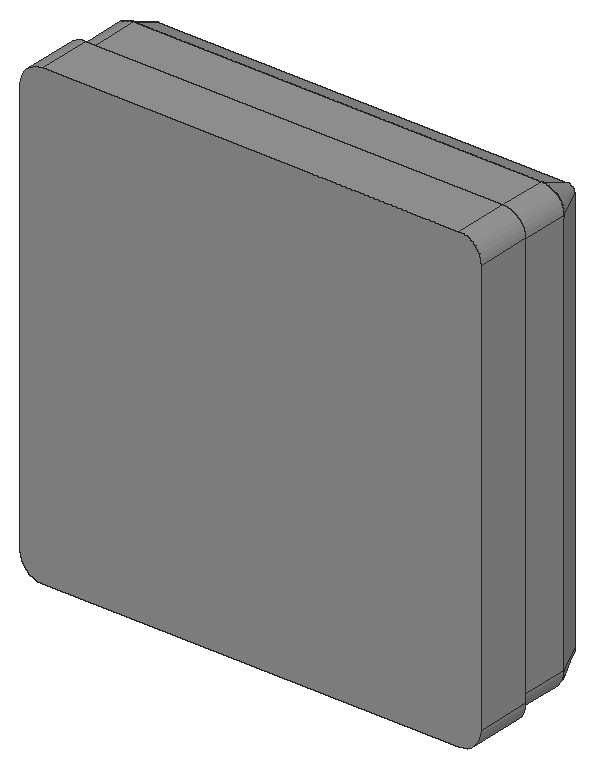
Revit family "IEK_РозеткаСетевая_ОткрытойУстановки_Без ЗК 10А четырехместная IP20_ОКТАВА", category Электрические приборы, Revit 2019
Family settings
  Сохранять ориентацию аннотаций = Да
  Размер круглого соединителя = Использовать диаметр
  Тип детали = Нормальный
  На основе рабочей плоскости = Нет
  Всегда вертикально = Да
  При загрузке вырезать с полостями = Нет
  Общий = Нет
  Точка расчета площади = Нет
Parameters (values of type "РС24-2-ОБ")
  Ширина = 103 mm  # constant formula
  Тип монтажа = "Поверхность монтажа (открытая установка)"  # constant formula
  Степень защиты = "IP20"  # constant formula
  Изготовитель = "IEK"  # constant formula
  Дата изменения = ""
  Глубина = 30.8 mm  # constant formula
  Высота = 103 mm  # constant formula
  ΔХ [instance] = 2000 mm
  ΔY [instance] = 2000 mm
  KSI_CPr_Строительные изделия = "20.4.03.04 20.4.03.05 20.4.03.06"  # constant formula
  KSI_CMa_Строительные материалы = "01.7.14.03"  # constant formula
  IEK_Цена за единицу = 423.71
  IEK_Поиск в таблице имен = ""
  IEK_Описание = "Универсальный дизайн серии открытой установки \"ОКТАВА\" позволяет устанавливать изделия в квартирах, загородных домах, офисных и производственных помещениях."
  IEK_URL = "https://www.iek.ru/products/catalog/izdeliya_elektroustanovochnye_udliniteli_i_silovye_razemy/elektroustanovochnye_izdeliya/elektroustanovochnye_izdeliya_otkrytogo_montazha_ip20/elektroustanovochnye_izdeliya_oktava/elektroustanovochnye_izdeliya_oktava_tsvet_belyy/rozetka_4_mestnaya_dlya_otkrytoy_ustanovki_rs24_2_ob_bez_zazemlyayushchego_kontakta_10a_oktava_belyy_iek"
  ADSK_Ток [instance] = 10 A  # constant formula
  ADSK_Примечание = ""
  ADSK_Полная мощность [instance] = ADSK_Номинальная мощность / ADSK_Коэффициент мощности  # 2200 VA
  ADSK_Позиция [instance] = ""
  ADSK_Номинальная мощность [instance] = ADSK_Ток * ADSK_Напряжение * sqrt(ADSK_Количество фаз числовое) * ADSK_Коэффициент мощности  # 2200 W
  ADSK_Напряжение = 220 V
  ADSK_Наименование = "Розетка 4-местная для открытой установки РС24-2-ОБ без заземляющего контакта 10А ОКТАВА белый IEK"
  ADSK_Материал обозначение = ""
  ADSK_Материал наименование = "Пластик"  # constant formula
  ADSK_Материал = Цвет белый
  ADSK_Масса = 0.088
  ADSK_Марка = "ОКТАВА"  # constant formula
  ADSK_Коэффициент мощности [instance] = 1  # constant formula
  ADSK_Количество фаз числовое = 1
  ADSK_Количество фаз = 1
  ADSK_Код изделия = "ERO40-K01-10-DC"
  ADSK_Классификация нагрузок [instance] = Прочее
  ADSK_Завод-изготовитель = "IEK"  # constant formula
  ADSK_Единица измерения = "шт"  # constant formula
  ADSK_Группирование = "III ЭЛЕКТРОУСТАНОВОЧНЫЕ И ЭЛЕКТРОМОНТАЖНЫЕ ИЗДЕЛИЯ"  # constant formula
  ADSK_Версия семейства = "1.0"  # constant formula
  ADSK_Версия Revit = "2019"  # constant formula
  ADSK_URL страницы изделия = "https://www.iek.ru/products/catalog/izdeliya_elektroustanovochnye_udliniteli_i_silovye_razemy/elektroustanovochnye_izdeliya/elektroustanovochnye_izdeliya_otkrytogo_montazha_ip20/elektroustanovochnye_izdeliya_oktava/?pagec=100"
Reference planes
  plane 1 "По центру (Вперед/Назад)": y = 0
  plane 2: z = 0
  plane 3 "По центру (Влево/Вправо)": x = 0
  plane 4 "Высота ножек": z = 280
  plane 5 "Высота": z = 2081.496
  plane 6: x = -2000
  plane 7: y = 2000
Forms (mm)
  Extrusion 1, void
    sketch origin (0, 0, 71) x (1, 0, 0) y (0, 0, -1)
      loop
        circle (-21.059, 40.999) r 19.5
      loop
        circle (21.059, 40.999) r 19.5
      loop
        circle (-21.059, -0.999) r 19.5
      loop
        circle (21.059, -0.999) r 19.5
    from 23.5 to 32
  Extrusion 2, solid, material "Цвет белый" <- "ADSK_Материал", detail levels fine
    sketch origin (0, 0, 51) x (1, 0, 0) y (0, 0, -1)
      loop
        line (-51, 46) -> (-51, -46)
        arc (-51, -46) -> (-49.536, -49.536) -> (-46, -51) r 5
        line (-46, -51) -> (46, -51)
        arc (46, -51) -> (49.536, -49.536) -> (51, -46) r 5
        line (51, -46) -> (51, 46)
        arc (51, 46) -> (49.536, 49.536) -> (46, 51) r 5
        line (46, 51) -> (-46, 51)
        arc (-46, 51) -> (-49.536, 49.536) -> (-51, 46) r 5
    from 0 to 12
  Extrusion 3, solid, material "Цвет белый" <- "ADSK_Материал", detail levels fine
    sketch origin (0, 0, 51) x (1, 0, 0) y (0, 0, -1)
      loop
        line (-50, 44.962) -> (-50, -44.962)
        arc (-50, -44.962) -> (-48.524, -48.524) -> (-44.962, -50) r 5.038
        line (-44.962, -50) -> (45.005, -50)
        arc (45.005, -50) -> (48.537, -48.537) -> (50, -45.005) r 4.995
        line (50, -45.005) -> (50, 45.005)
        arc (50, 45.005) -> (48.537, 48.537) -> (45.005, 50) r 4.995
        line (45.005, 50) -> (-44.962, 50)
        arc (-44.962, 50) -> (-48.524, 48.524) -> (-50, 44.962) r 5.038
    from 12 to 24
  Blend 4, solid, material "Цвет белый" <- "ADSK_Материал", detail levels fine
    base sketch origin (0, 0, 51) x (1, 0, 0) y (0, 0, -1)
      loop
        line (-50, 44.962) -> (-50, -44.962)
        arc (-50, -44.962) -> (-48.524, -48.524) -> (-44.962, -50) r 5.038
        line (-44.962, -50) -> (45.005, -50)
        arc (45.005, -50) -> (48.537, -48.537) -> (50, -45.005) r 4.995
        line (50, -45.005) -> (50, 45.005)
        arc (50, 45.005) -> (48.537, 48.537) -> (45.005, 50) r 4.995
        line (45.005, 50) -> (-44.962, 50)
        arc (-44.962, 50) -> (-48.524, 48.524) -> (-50, 44.962) r 5.038
    top sketch origin (0, 0, 51) x (1, 0, 0) y (0, 0, -1)
      loop
        line (-46.736, 45.075) -> (-46.736, -45.036)
        arc (-46.736, -45.036) -> (-46.238, -46.238) -> (-45.036, -46.736) r 1.7
        line (-45.036, -46.736) -> (45.036, -46.736)
        arc (45.036, -46.736) -> (46.238, -46.238) -> (46.736, -45.036) r 1.7
        line (46.736, -45.036) -> (46.736, 45.02)
        arc (46.736, 45.02) -> (46.233, 46.233) -> (45.02, 46.736) r 1.716
        line (45.02, 46.736) -> (-45.075, 46.736)
        arc (-45.075, 46.736) -> (-46.249, 46.249) -> (-46.736, 45.075) r 1.661
    from 24 to 31
  Extrusion 5, void
    sketch origin (0, 0, 51) x (1, 0, 0) y (0, 0, -1)
      loop
        arc (-44.736, -42.724) -> (-44.15, -44.138) -> (-42.736, -44.724) r 2
        line (-42.736, -44.724) -> (42.736, -44.724)
        arc (42.736, -44.724) -> (44.15, -44.138) -> (44.736, -42.724) r 2
        line (44.736, -42.724) -> (44.736, 42.724)
        arc (44.736, 42.724) -> (44.15, 44.138) -> (42.736, 44.724) r 2
        line (42.736, 44.724) -> (-42.736, 44.724)
        arc (-42.736, 44.724) -> (-44.15, 44.138) -> (-44.736, 42.724) r 2
        line (-44.736, 42.724) -> (-44.736, -42.724)
      loop
        circle (-21, 21.008) r 20.5
      loop
        circle (21, 21.008) r 20.5
      loop
        circle (-21, -21.008) r 20.5
      loop
        circle (21, -21.008) r 20.5
    from 30.5 to 31
  Extrusion 6, void
    sketch origin (0, 0, 70.99) x (1, 0, 0) y (0, 0, -1)
      loop
        circle (-30.54, -1.016) r 2.758
      loop
        circle (-11.491, -1.016) r 2.758
      loop
        circle (30.54, -1.016) r 2.758
      loop
        circle (11.491, -1.016) r 2.758
      loop
        circle (-30.54, 40.996) r 2.758
      loop
        circle (-11.491, 40.996) r 2.758
      loop
        circle (30.54, 40.996) r 2.758
      loop
        circle (11.491, 40.996) r 2.758
    from 23.5 to 21.5
  Extrusion 7, solid, detail levels coarse
    sketch origin (0, 0, 0) x (1, 0, 0) y (0, 1, 0)
      loop
        line (-51, 0) -> (51, 0) -> (51, 31) -> (-51, 31) -> (-51, 0)
    from 0 to 103
  Extrusion 8, solid, detail levels medium
    sketch origin (0, 0, 0) x (1, 0, 0) y (0, 1, 0)
      loop
        line (-51, 31) -> (-51, 0) -> (51, 0) -> (51, 31) -> (-51, 31)
    from 0 to 103
Cuts and joins
  Extrusion 1, Extrusion 5 cuts Blend 4
  Extrusion 1, Extrusion 6 cuts Extrusion 3
Lines and regions (mm)
  reference lines
    curve 1: line (0, 44.647, 0) -> (0, -55.353, 0)
    curve 2: line (-23.829, 0, 0) -> (76.171, 0, 0)
Dimensions and locks
  locked: plane 4 "Высота ножек" to plane 2 at 280
  plane 5 "Высота" to plane 4 "Высота ножек" = 1801.496 mm
  "ΔХ": plane 6 to curve 1
  "ΔY": plane 7 to curve 2
  aligned and locked: level to plane 2
  aligned and locked: nested 1 to curve 1
  aligned and locked: curve 2 to nested 1
  aligned and locked: Extrusion 3 to Extrusion 2
  aligned and locked: Blend 4 to Extrusion 3
Automatic sketch dimensions
  Extrusion 1 sketch curve to plane 3 "По центру (Влево/Вправо)" = 21.059 mm  (x2)
  level to Extrusion 1 sketch curve = 30.001 mm  (x2)
  plane 3 "По центру (Влево/Вправо)" to Extrusion 1 sketch curve = 21.059 mm  (x2)
  level to Extrusion 1 sketch curve = 71.999 mm  (x2)
  Extrusion 2 sketch curve to plane 3 "По центру (Влево/Вправо)" = 51 mm
  Extrusion 2 sketch curve to Extrusion 2 sketch curve = 5 mm  (x3)
  plane 3 "По центру (Влево/Вправо)" to Extrusion 2 sketch curve = 46 mm  (x2)
  level to Extrusion 2 sketch curve = 5 mm
  level to Extrusion 2 sketch curve = 97 mm
  Extrusion 3 sketch curve to plane 3 "По центру (Влево/Вправо)" = 50 mm
  Extrusion 3 sketch curve to Extrusion 3 sketch curve = 5.038 mm  (x2)
  plane 3 "По центру (Влево/Вправо)" to Extrusion 3 sketch curve = 45.005 mm  (x2)
  Extrusion 3 sketch curve to Extrusion 3 sketch curve = 4.995 mm
  level to Extrusion 3 sketch curve = 101 mm
  level to Extrusion 3 sketch curve = 6.038 mm
  Blend 4 sketch curve to plane 3 "По центру (Влево/Вправо)" = 50 mm
  Blend 4 sketch curve to Blend 4 sketch curve = 5.038 mm  (x2)
  plane 3 "По центру (Влево/Вправо)" to Blend 4 sketch curve = 45.005 mm  (x2)
  level to Blend 4 sketch curve = 5.995 mm
  Blend 4 sketch curve to Blend 4 sketch curve = 4.995 mm
  level to Blend 4 sketch curve = 95.962 mm
  Blend 4 sketch curve to plane 3 "По центру (Влево/Вправо)" = 46.736 mm
  Blend 4 sketch curve to Blend 4 sketch curve = 1.661 mm
  Blend 4 sketch curve to Blend 4 sketch curve = 1.7 mm
  plane 3 "По центру (Влево/Вправо)" to Blend 4 sketch curve = 45.02 mm
  plane 3 "По центру (Влево/Вправо)" to Blend 4 sketch curve = 45.036 mm
  Blend 4 sketch curve to Blend 4 sketch curve = 1.716 mm
  level to Blend 4 sketch curve = 97.736 mm
  level to Blend 4 sketch curve = 5.98 mm
  Extrusion 5 sketch curve to plane 3 "По центру (Влево/Вправо)" = 44.736 mm
  Extrusion 5 sketch curve to Extrusion 5 sketch curve = 2 mm  (x3)
  Extrusion 5 sketch curve to plane 3 "По центру (Влево/Вправо)" = 21 mm  (x2)
  level to Extrusion 5 sketch curve = 29.992 mm  (x2)
  plane 3 "По центру (Влево/Вправо)" to Extrusion 5 sketch curve = 21 mm  (x2)
  Extrusion 5 sketch curve to Extrusion 5 sketch curve = 21.736 mm  (x2)
  level to Extrusion 5 sketch curve = 72.008 mm  (x2)
  Extrusion 5 sketch curve to Extrusion 5 sketch curve = 21.716 mm
  level to Extrusion 5 sketch curve = 8.276 mm
  level to Extrusion 6 sketch curve = 29.994 mm  (x4)
  Extrusion 6 sketch curve to plane 3 "По центру (Влево/Вправо)" = 30.54 mm  (x2)
  Extrusion 6 sketch curve to plane 3 "По центру (Влево/Вправо)" = 11.491 mm  (x2)
  plane 3 "По центру (Влево/Вправо)" to Extrusion 6 sketch curve = 11.491 mm  (x2)
  Extrusion 6 sketch curve to Extrusion 6 sketch curve = 19.049 mm  (x2)
  level to Extrusion 6 sketch curve = 72.006 mm  (x2)
  Extrusion 6 sketch curve to Extrusion 6 sketch curve = 0 mm  (x2)
  plane 1 "По центру (Вперед/Назад)" to Extrusion 7 sketch curve = 0 mm
  Extrusion 7 sketch curve to plane 3 "По центру (Влево/Вправо)" = 51 mm
  plane 3 "По центру (Влево/Вправо)" to Extrusion 7 sketch curve = 51 mm
  Extrusion 7 sketch curve to plane 1 "По центру (Вперед/Назад)" = 31 mm
  plane 1 "По центру (Вперед/Назад)" to Extrusion 8 sketch curve = 0 mm
  Extrusion 8 sketch curve to plane 3 "По центру (Влево/Вправо)" = 51 mm
  plane 3 "По центру (Влево/Вправо)" to Extrusion 8 sketch curve = 51 mm
  Extrusion 8 sketch curve to plane 1 "По центру (Вперед/Назад)" = 31 mm
  curve 2 to plane 3 "По центру (Влево/Вправо)" = 23.829 mm
  plane 3 "По центру (Влево/Вправо)" to curve 2 = 76.171 mm
  plane 1 "По центру (Вперед/Назад)" to curve 1 = 55.353 mm
  curve 1 to plane 1 "По центру (Вперед/Назад)" = 44.647 mm
  radius of Extrusion 1 sketch curve = 19.5 mm  (x4)
  radius of Extrusion 5 sketch curve = 20.5 mm  (x4)
  radius of Extrusion 6 sketch curve = 2.758 mm  (x8)
Nested families
  nested 1: "УГО Розетки" at (0, 0, 0), type "2P-O", detail levels coarse+medium
    with Количество в блоке "4Б", Блок розеток yes, IP44 no
Connectors
  electrical at (0, 0, 51), driven by "ADSK_Количество фаз", driven by "ADSK_Классификация нагрузок", driven by "ADSK_Напряжение", driven by "ADSK_Полная мощность", driven by "ADSK_Коэффициент мощности"
    settings: on Extrusion 2, index 1, voltage 220 V, apparent load 0 VA, apparent load phase1 2200 VA, apparent load phase2 0 VA, apparent load phase3 0 VA, power factor 1, load classification "Прочее", number of poles 1, system type 31, power factor state 1, is connector primary yes, connector utility no, sub classification motor no, connector description ""
Definition of nested family "УГО Розетки"
  Parameters (values of type "3PE-O")
    Количество в блоке [instance] = ""
    Блок розеток [instance] = no
    IP44 [instance] = no
    3PE-O = yes
    3PE-C = no
    2PE-O = no
    2PE-C = no
    2P-O = no
    2P-C = no
  Types (6, lengths in mm): name | 3PE-O | 3PE-C | 2PE-O | 2PE-C | 2P-O | 2P-C
    2P-O | no | no | no | no | yes | no
    3PE-O | yes | no | no | no | no | no
    2P-C | no | no | no | no | no | yes
    2PE-C | no | no | no | yes | no | no
    2PE-O | no | no | yes | no | no | no
    3PE-C | no | yes | no | no | no | no
  Reference planes
    plane 1: y = 0
    plane 2: x = 0
  Lines and regions (mm)
    Filled region 1, type "Цветовая область 1", visible <- "IP44"
      outline origin (0, 0, 0) x (1, 0, 0) y (0, 1, 0)
        loop
          line (-2.5, 0) -> (2.5, 0)
          arc (2.5, 0) -> (0, 2.5) -> (-2.5, 0) r 2.5
    Filled region 2, type "Цветовая область 1", visible <- "IP44", not visible
      outline origin (0, 0, 0) x (1, 0, 0) y (0, 1, 0)
        loop
          line (-2.5, 4.664) -> (2.5, 4.664)
          arc (2.5, 4.664) -> (0, 7.164) -> (-2.5, 4.664) r 2.5
    detail lines
      curve 1: line (-2.5, 0, 0) -> (2.5, 0, 0)
      curve 3: line (0, 2.5, 0) -> (0, 5, 0)
      curve 4: arc (-2.5, 0, 0) -> (0, 2.5, 0) -> (2.5, 0, 0) r 2.5
    detail lines, visible <- "3PE-C"
      curve 2: line (0, 0, 0) -> (0, 2.5, 0)
      curve 5: line (-2.5, 2.5, 0) -> (2.5, 2.5, 0)
      curve 17: line (0, 2.5, 0) -> (1.768, 4.268, 0)
      curve 18: line (0, 2.5, 0) -> (-1.768, 4.268, 0)
    detail lines, not visible
      curve 6: line (-2.5, 4.664, 0) -> (2.5, 4.664, 0)
      curve 8: line (0, 7.164, 0) -> (0, 9.664, 0)
      curve 9: arc (-2.5, 4.664, 0) -> (0, 7.164, 0) -> (2.5, 4.664, 0) r 2.5
    detail lines, visible <- "3PE-C", not visible
      curve 7: line (0, 4.664, 0) -> (0, 7.164, 0)
      curve 10: line (-2.5, 7.164, 0) -> (2.5, 7.164, 0)
      curve 23: line (0, 7.164, 0) -> (1.768, 8.932, 0)
      curve 24: line (0, 7.164, 0) -> (-1.768, 8.932, 0)
    detail lines, visible <- "3PE-O"
      curve 11: line (-2.5, 2.5, 0) -> (2.5, 2.5, 0)
      curve 19: line (0, 2.5, 0) -> (1.768, 4.268, 0)
      curve 20: line (0, 2.5, 0) -> (-1.768, 4.268, 0)
    detail lines, visible <- "3PE-O", not visible
      curve 12: line (-2.5, 7.164, 0) -> (2.5, 7.164, 0)
      curve 25: line (0, 7.164, 0) -> (1.768, 8.932, 0)
      curve 26: line (0, 7.164, 0) -> (-1.768, 8.932, 0)
    detail lines, visible <- "2PE-C"
      curve 13: line (0, 0, 0) -> (0, 2.5, 0)
      curve 22: line (-2.5, 2.5, 0) -> (2.5, 2.5, 0)
    detail lines, visible <- "2P-C"
      curve 14: line (0, 0, 0) -> (0, 2.5, 0)
    detail lines, visible <- "2PE-C", not visible
      curve 15: line (0, 4.664, 0) -> (0, 7.164, 0)
      curve 28: line (-2.5, 7.164, 0) -> (2.5, 7.164, 0)
    detail lines, visible <- "2P-C", not visible
      curve 16: line (0, 4.664, 0) -> (0, 7.164, 0)
    detail lines, visible <- "2PE-O"
      curve 21: line (-2.5, 2.5, 0) -> (2.5, 2.5, 0)
    detail lines, visible <- "2PE-O", not visible
      curve 27: line (-2.5, 7.164, 0) -> (2.5, 7.164, 0)
    reference lines
      curve 29: line (100, 9.605, 0) -> (100, -3.971, 0)
  Text (mm)
    label "3" at (1.908, 5.573, 0), shows "Количество в блоке", visible <- "Блок розеток"
    label "3" at (1.908, 10.237, 0), shows "Количество в блоке", visible <- "Блок розеток", not visible
  Dimensions and locks
    aligned and locked: Filled region 1 sketch curve to curve 4
    aligned and locked: Filled region 2 sketch curve to curve 9
